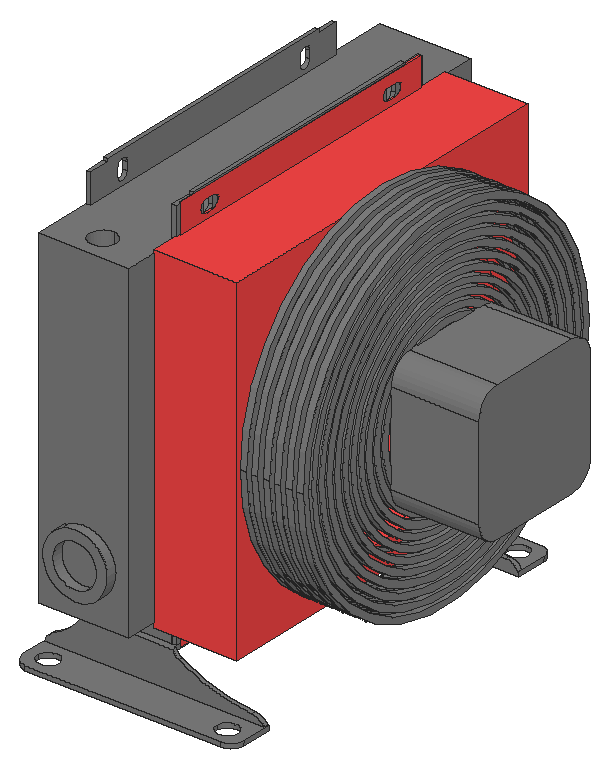
Revit family "MIT-A14Y-02", category Specialty Equipment, Revit 2022
Family settings
  Round Connector Dimension = Use Radius
  Part Type = Normal
  Work Plane-Based = No
  Always vertical = Yes
  Cut with Voids When Loaded = No
  Maintain Annotation Orientation = No
  Shared = No
  Room Calculation Point = No
Parameters
  URL = "https://en.ekinendustriyel.com/fan-driven-oil-coolers"
  Model = "MIT-A14Y-02"
  Manufacturer = "Ekin Endüstriyel"
  Keynote = "Fan Driven Oil Coolers"
  Description = "MIT- Fan Driven Oil Coolers"
  Default Elevation = 0 mm
Reference planes
  plane 1 "Center (Front/Back)": y = 0
  plane 2: z = 0
  plane 3 "Center (Left/Right)": x = 0
Forms (mm)
  Extrusion 1, solid, material "Ekin Endustriyel-S235JR", detail levels medium+fine
    sketch origin (0, -0.99, 0) x (0, 1, 0) y (0, 0, 1)
      loop
        line (150.799, 284.525) -> (-148.889, 284.525) -> (-148.889, 52.19) -> (150.799, 52.19) -> (150.799, 284.525)
      loop
        line (110.99, 277.19) -> (-109.01, 277.19) -> (-109.01, 267.19) -> (110.99, 267.19) -> (110.99, 277.19)
      loop
        line (110.99, 262.19) -> (-109.01, 262.19) -> (-109.01, 252.19) -> (110.99, 252.19) -> (110.99, 262.19)
      loop
        line (110.99, 247.19) -> (-109.01, 247.19) -> (-109.01, 237.19) -> (110.99, 237.19) -> (110.99, 247.19)
      loop
        line (110.99, 232.19) -> (-109.01, 232.19) -> (-109.01, 222.19) -> (110.99, 222.19) -> (110.99, 232.19)
      loop
        line (110.99, 217.19) -> (-109.01, 217.19) -> (-109.01, 207.19) -> (110.99, 207.19) -> (110.99, 217.19)
      loop
        line (110.99, 202.19) -> (-109.01, 202.19) -> (-109.01, 192.19) -> (110.99, 192.19) -> (110.99, 202.19)
      loop
        line (110.99, 187.183) -> (-109.01, 187.183) -> (-109.01, 177.183) -> (110.99, 177.183) -> (110.99, 187.183)
      loop
        line (110.99, 172.19) -> (-109.01, 172.19) -> (-109.01, 162.19) -> (110.99, 162.19) -> (110.99, 172.19)
      loop
        line (110.99, 157.19) -> (-109.01, 157.19) -> (-109.01, 147.19) -> (110.99, 147.19) -> (110.99, 157.19)
      loop
        line (110.99, 142.19) -> (-109.01, 142.19) -> (-109.01, 132.19) -> (110.99, 132.19) -> (110.99, 142.19)
      loop
        line (110.99, 127.19) -> (-109.01, 127.19) -> (-109.01, 117.19) -> (110.99, 117.19) -> (110.99, 127.19)
      loop
        line (110.99, 112.183) -> (-109.01, 112.183) -> (-109.01, 102.183) -> (110.99, 102.183) -> (110.99, 112.183)
      loop
        line (110.99, 97.19) -> (-109.01, 97.19) -> (-109.01, 87.19) -> (110.99, 87.19) -> (110.99, 97.19)
      loop
        line (110.99, 82.19) -> (-109.01, 82.19) -> (-109.01, 72.19) -> (110.99, 72.19) -> (110.99, 82.19)
      loop
        line (110.99, 67.19) -> (-109.01, 67.19) -> (-109.01, 57.19) -> (110.99, 57.19) -> (110.99, 67.19)
    from 0 to 63.204
  Extrusion 2, solid, material "Ekin Endustriyel-S235JR", detail levels medium+fine
    sketch origin (0, 46.049, 0) x (1, 0, 0) y (0, 0, 1)
      loop
        circle (31.5, 244.69) r 15.425
      loop
        arc (10.562, 252.927) -> (22.387, 224.118) -> (51.669, 234.718) r 22.5
        arc (51.669, 234.718) -> (40.613, 265.262) -> (10.562, 252.927) r 22.5
    from -104.01 to -115
  Extrusion 3, solid, material "Ekin Endustriyel-S235JR", detail levels medium+fine
    sketch origin (0, 0, 1.562) x (1, 0, 0) y (0, 0, 1)
      loop
        circle (31.5, 88.128) r 22.5
      loop
        circle (31.5, 88.128) r 15.425
    from 149.879 to 157
  Extrusion 4, solid, material "Ekin Endustriyel_S235JR", detail levels medium+fine
    sketch origin (0, 0, 0) x (0, 1, 0) y (0, 0, 1)
      loop
        line (-127.632, 48.69) -> (127.432, 48.69) -> (127.432, 286.333) -> (-127.632, 286.333) -> (-127.632, 48.69)
      loop
        circle (-0.035, 167.19) r 100
    from 63.204 to 121
  Extrusion 5, solid, material "Ekin Endustriyel_S235JR", detail levels medium+fine
    sketch origin (61.704, 0, 61.923) x (0, 1, 0) y (0, 0, 1)
      loop
        line (-105, 244.768) -> (-105, 224.41) -> (105, 224.41) -> (105, 244.768) -> (-105, 244.768)
      loop
        line (83.5, 237.268) -> (76.5, 237.268)
        arc (76.5, 237.268) -> (72, 232.768) -> (76.5, 228.268) r 4.5
        line (76.5, 228.268) -> (83.5, 228.268)
        arc (83.5, 228.268) -> (88, 232.768) -> (83.5, 237.268) r 4.5
      loop
        line (-83.5, 228.268) -> (-76.5, 228.268)
        arc (-76.5, 228.268) -> (-72, 232.768) -> (-76.5, 237.268) r 4.5
        line (-76.5, 237.268) -> (-83.5, 237.268)
        arc (-83.5, 237.268) -> (-88, 232.768) -> (-83.5, 228.268) r 4.5
    from 1.296 to 2.296
  Sweep 6, solid, material "Ekin Endustriyel-S235JR", detail levels fine
    path origin (0, 37.412, 0) x (0, -1, 0) y (0, 0, -1)
      loop
        line (-54.233, -26.19) -> (-72.243, -26.19) -> (-72.243, 0) -> (-104.233, 0)
    profile origin (0, 100.65, 26.19) x (0, 0, 1) y (1, 0, 0)
      loop
        line (0, -29.098) -> (2.995, -29.098) -> (2.995, 130.829) -> (0, 130.829) -> (0, -29.098)
  Extrusion 7, void
    sketch origin (0, 37.412, 0) x (1, 0, 0) y (0, 1, 0)
      loop
        circle (114.491, 89.973) r 7.5
      loop
        circle (52, 60.053) r 3.4
      loop
        circle (12, 60.053) r 3.4
      loop
        line (9.13, 48.477) -> (54.307, 48.477)
        arc (54.307, 48.477) -> (60.782, 51.706) -> (63.438, 58.438) r 10.105
        line (63.438, 58.438) -> (63.438, 72.243) -> (129.5, 72.243) -> (129.5, 93.861)
        arc (129.5, 93.861) -> (126.635, 100.167) -> (120.439, 103.262) r 10.37
        line (120.439, 103.262) -> (-16.602, 103.262)
        arc (-16.602, 103.262) -> (-23.1, 99.839) -> (-25.701, 92.97) r 10.37
        line (-25.701, 92.97) -> (-25.701, 72.243) -> (0, 72.243) -> (0, 58.438)
        arc (0, 58.438) -> (2.655, 51.706) -> (9.13, 48.477) r 10.105
      loop
        line (-42.92, 29.216) -> (153.731, 29.216) -> (153.731, 129.216) -> (-42.92, 129.216) -> (-42.92, 29.216)
      loop
        circle (-10.967, 89.973) r 7.5
    from -5.013 to 36.328
  Extrusion 8, void
    sketch origin (0, 0, 0) x (1, 0, 0) y (0, 0, 1)
      loop
        line (139.5, 34.5) -> (-33.827, 34.5) -> (-33.827, 2.995) -> (-25.297, 2.995)
        arc (-25.297, 2.995) -> (-23.22, 7.347) -> (-19.349, 10.221) r 10
        arc (-19.349, 10.221) -> (-9.431, 16.043) -> (-1.436, 24.311) r 42.5
        arc (-1.436, 24.311) -> (-0.17, 26.625) -> (0.446, 29.19) r 10
        line (0.446, 29.19) -> (64.163, 29.19)
        arc (64.163, 29.19) -> (65.884, 26.292) -> (68.469, 24.13) r 10
        arc (68.469, 24.13) -> (93.386, 13.262) -> (120.134, 8.411) r 117.5
        arc (120.134, 8.411) -> (124.982, 6.795) -> (128.398, 2.995) r 10
        line (128.398, 2.995) -> (139.5, 2.995) -> (139.5, 34.5)
    from -140 to 147.002
  Extrusion 9, solid, material "Ekin Endustriyel-S235JR", detail levels fine
    sketch origin (0, 0, 0) x (1, 0, 0) y (0, 0, 1)
      loop
        line (3, 29.185) -> (60, 29.185) -> (60, 54.41) -> (3, 54.41) -> (3, 29.185)
    from 106.5 to 107.5
  Extrusion 10, solid, material "Ekin Endustriyel-S235JR", detail levels fine
    sketch origin (0, 139.233, 0) x (1, 0, 0) y (0, 0, 1)
      loop
        line (3, 29.185) -> (60, 29.185) -> (60, 54.41) -> (3, 54.41) -> (3, 29.185)
    from 31.733 to 32.723
  Extrusion 11, solid, material "Ekin Endustriyel-S235JR", detail levels coarse
    sketch origin (0, 0, 0) x (0, 1, 0) y (0, 0, 1)
      loop
        line (150.049, 284.525) -> (-149.879, 284.525) -> (-149.879, 52.19) -> (-107.5, 52.19) -> (-107.5, 0) -> (107.5, 0) -> (107.5, 52.19) -> (150.049, 52.19) -> (150.049, 284.525)
    from 0 to 63.204
  Extrusion 12, solid, material "Ekin Endustriyel_S235JR", detail levels coarse
    sketch origin (0, 0, 0) x (0, 1, 0) y (0, 0, 1)
      loop
        line (-127.632, 286.333) -> (-127.632, 48.69) -> (127.344, 48.69) -> (127.344, 286.333) -> (-127.632, 286.333)
    from 63.204 to 121
  Extrusion 13, void
    sketch origin (0, -271.91, 175.333) x (1, 0, 0) y (0, 1, 0)
      loop
        circle (31.5, 139.375) r 9.3
    from 77.35 to 131.357
  Extrusion 14, solid, material "Ekin Endustriyel-S235JR", detail levels fine
    sketch origin (60, 0, 0) x (0, 1, 0) y (0, 0, 1)
      loop
        line (107.5, 284.525) -> (107.5, 305.19) -> (92.5, 305.19) -> (92.5, 307.19) -> (-92.5, 307.19) -> (-92.5, 305.19) -> (-107.5, 305.19) -> (-107.5, 284.525) -> (107.5, 284.525)
      loop
        line (84.5, 292.19) -> (84.5, 297.69)
        arc (84.5, 297.69) -> (80, 302.19) -> (75.5, 297.69) r 4.5
        line (75.5, 297.69) -> (75.5, 292.19)
        arc (75.5, 292.19) -> (80, 287.69) -> (84.5, 292.19) r 4.5
      loop
        line (-75.5, 292.19) -> (-75.5, 297.69)
        arc (-75.5, 297.69) -> (-80, 302.19) -> (-84.5, 297.69) r 4.5
        line (-84.5, 297.69) -> (-84.5, 292.19)
        arc (-84.5, 292.19) -> (-80, 287.69) -> (-75.5, 292.19) r 4.5
    from 0 to 3
  Extrusion 15, solid, material "Ekin Endustriyel-S235JR"
    sketch origin (0, 0, 0) x (0, 1, 0) y (0, 0, 1)
      loop
        arc (-32.5, 217.833) -> (-43.814, 213.147) -> (-48.5, 201.833) r 16
        line (-48.5, 201.833) -> (-48.5, 136.833)
        arc (-48.5, 136.833) -> (-43.814, 125.519) -> (-32.5, 120.833) r 16
        line (-32.5, 120.833) -> (32.5, 120.833)
        arc (32.5, 120.833) -> (43.814, 125.519) -> (48.5, 136.833) r 16
        line (48.5, 136.833) -> (48.5, 201.833)
        arc (48.5, 201.833) -> (43.814, 213.147) -> (32.5, 217.833) r 16
        line (32.5, 217.833) -> (-32.5, 217.833)
    from 165.977 to 227.933
  Extrusion 16, solid, material "Ekin Endustriyel-S235JR", detail levels medium+fine
    sketch origin (0, 0, 0) x (0, 1, 0) y (0, 0, 1)
      loop
        circle (0, 169.333) r 90
      loop
        circle (0, 169.333) r 88
      loop
        circle (0, 169.333) r 55
      loop
        circle (0, 169.333) r 53
      loop
        circle (0, 169.333) r 15
      loop
        circle (0, 169.333) r 13
    from 148.93 to 146.309
  Extrusion 17, solid, material "Ekin Endustriyel-S235JR", detail levels fine
    sketch origin (0, 0, 0) x (0, 1, 0) y (0, 0, 1)
      loop
        line (107.5, 284.525) -> (107.5, 305.19) -> (92.5, 305.19) -> (92.5, 307.19) -> (-92.5, 307.19) -> (-92.5, 305.19) -> (-107.5, 305.19) -> (-107.5, 284.525) -> (107.5, 284.525)
      loop
        line (84.5, 292.19) -> (84.5, 297.69)
        arc (84.5, 297.69) -> (80, 302.19) -> (75.5, 297.69) r 4.5
        line (75.5, 297.69) -> (75.5, 292.19)
        arc (75.5, 292.19) -> (80, 287.69) -> (84.5, 292.19) r 4.5
      loop
        line (-75.5, 292.19) -> (-75.5, 297.69)
        arc (-75.5, 297.69) -> (-80, 302.19) -> (-84.5, 297.69) r 4.5
        line (-84.5, 297.69) -> (-84.5, 292.19)
        arc (-84.5, 292.19) -> (-80, 287.69) -> (-75.5, 292.19) r 4.5
    from 0 to 3
  Sweep 18, solid, material "Ekin Endustriyel-S235JR", detail levels fine
    path origin (0, -37.412, 0) x (0, 1, 0) y (0, 0, 1)
      loop
        line (-54.233, 26.19) -> (-72.243, 26.19) -> (-72.243, 0) -> (-104.233, 0)
    profile origin (0, -100.65, 26.19) x (0, 0, -1) y (1, 0, 0)
      loop
        line (0, -29.098) -> (0, 130.829) -> (-2.995, 130.829) -> (-2.995, -29.098) -> (0, -29.098)
  Extrusion 19, void
    sketch origin (0, -37.412, 0) x (1, 0, 0) y (0, 1, 0)
      loop
        circle (114.491, -89.973) r 7.5
      loop
        circle (52, -60.053) r 3.4
      loop
        circle (12, -60.053) r 3.4
      loop
        arc (9.13, -48.477) -> (2.655, -51.706) -> (0, -58.438) r 10.105
        line (0, -58.438) -> (0, -72.243) -> (-25.701, -72.243) -> (-25.701, -92.97)
        arc (-25.701, -92.97) -> (-23.1, -99.839) -> (-16.602, -103.262) r 10.37
        line (-16.602, -103.262) -> (120.439, -103.262)
        arc (120.439, -103.262) -> (126.635, -100.167) -> (129.5, -93.861) r 10.37
        line (129.5, -93.861) -> (129.5, -72.243) -> (63.438, -72.243) -> (63.438, -58.438)
        arc (63.438, -58.438) -> (60.782, -51.706) -> (54.307, -48.477) r 10.105
        line (54.307, -48.477) -> (9.13, -48.477)
      loop
        line (-42.92, -29.216) -> (-42.92, -129.216) -> (153.731, -129.216) -> (153.731, -29.216) -> (-42.92, -29.216)
      loop
        circle (-10.967, -89.973) r 7.5
    from -5.013 to 36.328
  Extrusion 20, solid, material "Ekin Endustriyel_S235JR", detail levels medium+fine
    sketch origin (61.704, 0, 270.88) x (0, 1, 0) y (0, 0, 1)
      loop
        line (-105, -243.189) -> (105, -243.189) -> (105, -218.546) -> (-105, -218.546) -> (-105, -243.189)
      loop
        arc (83.5, -235.689) -> (88, -231.189) -> (83.5, -226.689) r 4.5
        line (83.5, -226.689) -> (76.5, -226.689)
        arc (76.5, -226.689) -> (72, -231.189) -> (76.5, -235.689) r 4.5
        line (76.5, -235.689) -> (83.5, -235.689)
      loop
        arc (-83.5, -226.689) -> (-88, -231.189) -> (-83.5, -235.689) r 4.5
        line (-83.5, -235.689) -> (-76.5, -235.689)
        arc (-76.5, -235.689) -> (-72, -231.189) -> (-76.5, -226.689) r 4.5
        line (-76.5, -226.689) -> (-83.5, -226.689)
    from 1.296 to 2.296
  Extrusion 21, solid, material "Ekin Endustriyel-S235JR", detail levels fine
    sketch origin (60, 0, 333.802) x (0, 1, 0) y (0, 0, 1)
      loop
        line (107.5, -279.433) -> (-107.5, -279.433) -> (-107.5, -304.617) -> (-92.5, -304.617) -> (-92.5, -306.612) -> (92.5, -306.612) -> (92.5, -304.617) -> (107.5, -304.617) -> (107.5, -279.433)
      loop
        arc (84.5, -291.612) -> (80, -287.112) -> (75.5, -291.612) r 4.5
        line (75.5, -291.612) -> (75.5, -297.112)
        arc (75.5, -297.112) -> (80, -301.612) -> (84.5, -297.112) r 4.5
        line (84.5, -297.112) -> (84.5, -291.612)
      loop
        arc (-75.5, -291.612) -> (-80, -287.112) -> (-84.5, -291.612) r 4.5
        line (-84.5, -291.612) -> (-84.5, -297.112)
        arc (-84.5, -297.112) -> (-80, -301.612) -> (-75.5, -297.112) r 4.5
        line (-75.5, -297.112) -> (-75.5, -291.612)
    from 0 to 3
  Extrusion 22, solid, material "Ekin Endustriyel-S235JR", detail levels fine
    sketch origin (0, 0, 333.802) x (0, 1, 0) y (0, 0, 1)
      loop
        line (107.5, -281.612) -> (-107.5, -281.612) -> (-107.5, -304.617) -> (-92.5, -304.617) -> (-92.5, -306.612) -> (92.5, -306.612) -> (92.5, -304.617) -> (107.5, -304.617) -> (107.5, -281.612)
      loop
        arc (84.5, -291.612) -> (80, -287.112) -> (75.5, -291.612) r 4.5
        line (75.5, -291.612) -> (75.5, -297.112)
        arc (75.5, -297.112) -> (80, -301.612) -> (84.5, -297.112) r 4.5
        line (84.5, -297.112) -> (84.5, -291.612)
      loop
        arc (-75.5, -291.612) -> (-80, -287.112) -> (-84.5, -291.612) r 4.5
        line (-84.5, -291.612) -> (-84.5, -297.112)
        arc (-84.5, -297.112) -> (-80, -301.612) -> (-75.5, -297.112) r 4.5
        line (-75.5, -297.112) -> (-75.5, -291.612)
    from 0 to 3
  Extrusion 23, solid, material "Ekin Endustriyel-S235JR", detail levels medium+fine
    sketch origin (0, 0, 0) x (0, 1, 0) y (0, 0, 1)
      loop
        circle (0, 167.512) r 125
      loop
        circle (0, 167.512) r 120.786
      loop
        circle (0, 167.512) r 118
      loop
        circle (0, 167.512) r 114
      loop
        circle (0, 167.512) r 111.5
      loop
        circle (0, 167.512) r 107
      loop
        circle (0, 167.512) r 104.491
      loop
        circle (0, 167.512) r 100
      loop
        circle (0, 167.512) r 97.5
      loop
        circle (0, 167.512) r 93.2
      loop
        circle (0, 167.512) r 90.6
      loop
        circle (0, 167.512) r 86.5
      loop
        circle (0, 167.512) r 83.5
      loop
        circle (0, 167.512) r 79.5
      loop
        circle (0, 167.512) r 76.5
      loop
        circle (0, 167.512) r 72.542
      loop
        circle (0, 167.512) r 70
      loop
        circle (0, 167.512) r 65.517
      loop
        circle (0, 167.512) r 63.025
      loop
        circle (0, 167.512) r 58.5
      loop
        circle (0, 167.512) r 56.038
      loop
        circle (0, 167.512) r 51.5
    from 161.5 to 165.977
  Extrusion 24, solid, material "Ekin Endustriyel-S235JR", detail levels medium+fine
    sketch origin (-7.804, 0, 0) x (0, 1, 0) y (0, 0, 1)
      loop
        circle (0, 167.512) r 125
      loop
        circle (0, 167.512) r 120.786
    from 161.5 to 165.977
  Extrusion 25, solid, material "Ekin Endustriyel-S235JR", detail levels medium+fine
    sketch origin (-15.842, 0, 0) x (0, 1, 0) y (0, 0, 1)
      loop
        circle (0, 167.512) r 125
      loop
        circle (0, 167.512) r 120.786
    from 161.5 to 165.977
  Extrusion 26, solid, material "Ekin Endustriyel-S235JR", detail levels medium+fine
    sketch origin (-23.646, 0, 0) x (0, 1, 0) y (0, 0, 1)
      loop
        circle (0, 167.512) r 125
      loop
        circle (0, 167.512) r 120.786
    from 161.5 to 165.977
  Extrusion 27, solid, material "Ekin Endustriyel-S235JR", detail levels medium+fine
    sketch origin (-31.685, 0, 0) x (0, 1, 0) y (0, 0, 1)
      loop
        circle (0, 167.512) r 125
      loop
        circle (0, 167.512) r 120.786
    from 161.5 to 165.977
  Extrusion 28, solid, material "Ekin Endustriyel-S235JR", detail levels medium+fine
    sketch origin (-39.723, 0, 0) x (0, 1, 0) y (0, 0, 1)
      loop
        circle (0, 167.512) r 125
      loop
        circle (0, 167.512) r 120.786
    from 161.5 to 165.977
  Extrusion 29, solid, material "Ekin Endustriyel-S235JR", detail levels coarse
    sketch origin (0, 0, 0) x (0, 1, 0) y (0, 0, 1)
      loop
        circle (0, 167.512) r 125
    from 121 to 165.977
Cuts and joins
  joined: Extrusion 4, Extrusion 5
  Extrusion 7, Extrusion 8, Extrusion 19 cuts Sweep 6
  Extrusion 7, Extrusion 13 cuts Extrusion 1
  Extrusion 7 cuts Extrusion 2
  Extrusion 7 cuts Extrusion 3
  Extrusion 8, Extrusion 19 cuts Sweep 18
Dimensions and locks
  aligned and locked: level to plane 2
Connectors
  piping at (31.5, -132.535, 284.525), diameter 18
    settings: on cut or joined group of Extrusion 1, Extrusion 7, Extrusion 13, index 4, connector inside diameter 609.6 mm, connector length 0 mm, flow factor 0, pipe flow 0.0 L/s, pressure drop 0.0 Pa, fitting loss kfactor 0, connector angle 0.00°, fixture units 0, engagement length 0 mm, angle of deflection 0.00°, flow configuration 0, flow direction 0, fitting loss method 0, system type 7, joint type 0, gender type 0, connector reference index -1, connector utility 0, adjustable connector no, is connector primary yes, connector description ""
  piping at (31.5, 161.049, 244.69), diameter 25.4
    settings: on cut or joined group of Extrusion 2, Extrusion 7, index 5, connector inside diameter 609.6 mm, connector length 0 mm, flow factor 0, pipe flow 0.0 L/s, pressure drop 0.0 Pa, fitting loss kfactor 0, connector angle 0.00°, fixture units 0, engagement length 0 mm, angle of deflection 0.00°, flow configuration 0, flow direction 0, fitting loss method 0, system type 7, joint type 0, gender type 0, connector reference index -1, connector utility 0, adjustable connector no, is connector primary no, connector description ""
  piping at (31.5, -157, 89.69), diameter 25.4
    settings: on cut or joined group of Extrusion 3, Extrusion 7, index 6, connector inside diameter 609.6 mm, connector length 0 mm, flow factor 0, pipe flow 0.0 L/s, pressure drop 0.0 Pa, fitting loss kfactor 0, connector angle 0.00°, fixture units 0, engagement length 0 mm, angle of deflection 0.00°, flow configuration 0, flow direction 0, fitting loss method 0, system type 7, joint type 0, gender type 0, connector reference index -1, connector utility 0, adjustable connector no, is connector primary no, connector description ""
